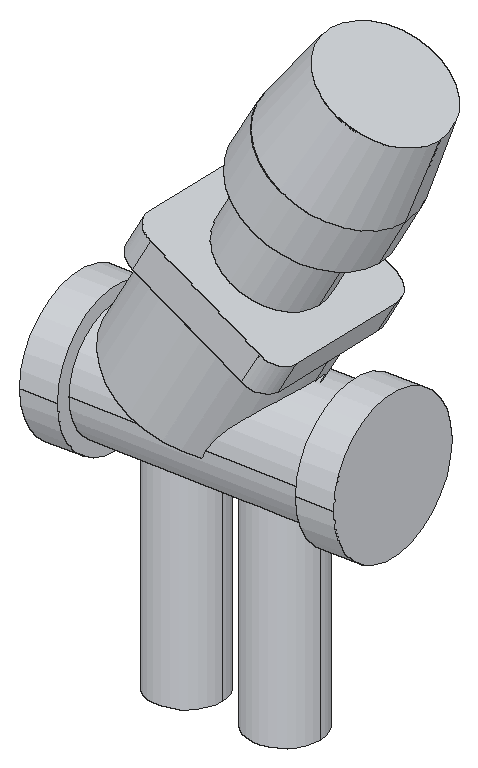
Revit family "OPTIMA_Compact_Plus_MM_DN20_5,5_RFA_2018", category Pipe Accessories, Revit 2018
Family settings
  Round Connector Dimension = Use Diameter
  Part Type = Valve - Breaks Into
  Work Plane-Based = No
  Always vertical = Yes
  Cut with Voids When Loaded = No
  Shared = No
Parameters (values of type "OPTIMA Compact Plus DN20 M-M 5.5mm")
  magiProductId = "3e0f5dc7d8ae4d97894bd6f679fd3a"
  magiProductFamilyId = "3f7bf62c6d3e4202b9bf465282540d"
  magiPartTypeId = 304
  isMeasuringValve [instance] = no
  ang2D [instance] = 0.00°
  Z = 0 mm
  X = 10 mm
  W2D = 32 mm
  VersionID = "2.0/2018.8.28.1/FRESE_OPTIMA-COMPACT-MM_001"
  Use Minimum Symbol Size [instance] = yes
  URL = "www.hydronic.cz"
  Type Comments = "vnější závit; PN25; 0~120°C, s měřením"
  R9 = 8 mm
  R8 = 14 mm
  R7 = 17 mm
  R6 = 12 mm
  R5 = 5 mm
  R4 = 19 mm
  R3 = 19 mm
  R2 = 13.5 mm
  R1 = 16.5 mm
  QmdConnectorList = "301;D;302;D"
  Productdata [instance] = ""
  PLG0 = yes
  Manufacturer = "Hydronic Systems Prague s.r.o."
  MC Product Code = "53-1331  (1\" M-M; 5.5mm; Qmin-dpmin 300l/h-17.8kPa; Qmax-dpmin 1800l/h-40.0kPa; dpmax 800kPa)"
  MC Piping Given Pressure Drop [instance] = 0.0 Pa
  LL = 35 mm
  L3 = 11 mm
  L2D_Min = 3048 mm
  L2D = 104 mm
  L2 = 53.2 mm
  L1__ve = -L1  # -8.4 mm
  L1 = 8.4 mm
  H6__ve = -H6  # -58.5 mm
  H6 = 58.5 mm
  H5 = 20 mm
  H4 = 12 mm
  H3 = 18 mm
  H2 = 8 mm
  H1 = 26 mm
  Description = "Tlakově nezávislý 2-cestný regulační vyvažovací ventil (PICV)"
  D = 20 mm
  A = 30.00°
Types (8, lengths in mm): name | magiProductId | Z | X | R4 | R3 | R2 | R1 | MC Product Code | LL | L3 | L2 | L1__ve | L1 | H6__ve | H6 | H5 | H3 | H2 | H1 | D
  OPTIMA Compact Plus DN32 M-M 5.5mm | "ffa5e363716249e69711c5a01860df" | 1 | 13 | 29 | 31.5 | 22 | 24 | "53-1333  (6/4\" M-M; 5.5mm; Qmin-dpmin 550l/h-17.9kPa; Qmax-dpmin 4001l/h-28.0kPa; dpmax 800kPa)" | 52 | 12.5 | 79.04 | -12.48 | 12.48 | -66 | 66 | 20 | 16 | 10 | 46 | 32
  OPTIMA Compact Plus DN15 M-M 2.5mm | "744f5c1a8b784a0caf7e95e8856504" | 0 | 7 | 19 | 19 | 12 | 13 | "53-1324  (3/4\" M-M; 2.5mm; Qmin-dpmin 100l/h-14.9kPa; Qmax-dpmin 575l/h-18.5kPa; dpmax 800kPa)" | 32.5 | 11 | 49.4 | -7.8 | 7.8 | -55 | 55 | 20 | 18 | 8 | 26 | 15
  OPTIMA Compact Plus DN15 M-M 5.0mm | "cc68fe6008154c3392e26a3dfeb2d1" | 0 | 7 | 19 | 19 | 12 | 13 | "53-1325  (3/4\" M-M; 5.0mm; Qmin-dpmin 220l/h-16.0kPa; Qmax-dpmin 1330l/h-21.6kPa; dpmax 800kPa)" | 32.5 | 11 | 49.4 | -7.8 | 7.8 | -55 | 55 | 20 | 18 | 8 | 26 | 15
  OPTIMA Compact Plus DN20 M-M 5.0mm | "af4b706c92c34122b2cf0a056ee45d" | 0 | 10 | 19 | 19 | 13.5 | 16.5 | "53-1328  (1\" M-M; 5.0mm; Qmin-dpmin 220l/h-16.0kPa; Qmax-dpmin 1330l/h-21.6kPa; dpmax 800kPa)" | 35 | 11 | 53.2 | -8.4 | 8.4 | -58.5 | 58.5 | 20 | 18 | 8 | 26 | 20
  OPTIMA Compact Plus DN20 M-M 5.5mm | "3e0f5dc7d8ae4d97894bd6f679fd3a" | 0 | 10 | 19 | 19 | 13.5 | 16.5 | "53-1331  (1\" M-M; 5.5mm; Qmin-dpmin 300l/h-17.8kPa; Qmax-dpmin 1800l/h-40.0kPa; dpmax 800kPa)" | 35 | 11 | 53.2 | -8.4 | 8.4 | -58.5 | 58.5 | 20 | 18 | 8 | 26 | 20
  OPTIMA Compact Plus DN25 M-M 5.5mm | "30c02b6104a34c7a9c49bd2b7417bc" | 0 | 13 | 29 | 31.5 | 18.5 | 21 | "53-1332  (5/4\" M-M; 5.5mm; Qmin-dpmin 600l/h-17.3kPa; Qmax-dpmin 3609l/h-23.0kPa; dpmax 800kPa)" | 52 | 12.5 | 79.04 | -12.48 | 12.48 | -63 | 63 | 20 | 16 | 10 | 43 | 25
  OPTIMA Compact Plus DN10 M-M 2.5mm | "273b30465bdd4e038d4ed21de5046f" | 0 | 7 | 19 | 19 | 9 | 10.5 | "53-1320  (1/2\" M-M; 2.5mm; Qmin-dpmin 30l/h-14.3kPa; Qmax-dpmin 200l/h-15.8kPa; dpmax 800kPa)" | 32.5 | 11 | 49.4 | -7.8 | 7.8 | -52.5 | 52.5 | 17 | 18 | 8 | 30 | 10
  OPTIMA Compact Plus DN10 M-M 5.0mm | "05e83065d4b14c0ea9b5a56fcd5d4f" | 0 | 7 | 19 | 19 | 9 | 10.5 | "53-1329  (1/2\" M-M; 5.0mm; Qmin-dpmin 65l/h-14.6kPa; Qmax-dpmin 370l/h-17.2kPa; dpmax 800kPa)" | 32.5 | 11 | 49.4 | -7.8 | 7.8 | -52.5 | 52.5 | 17 | 18 | 8 | 30 | 10
Reference planes
  plane 1 "Center (Front/Back)": y = 0
  plane 2 "XYPLANE": z = 0
  plane 3 "Center (Left/Right)": x = 0
  plane 4 "267": x = 11
  plane 5 "266": x = -11
  plane 6 "252": through (-607.519, 0, 447.746) normal (0.5, 0, 0.866)
  plane 7 "250": through (-617.519, 0, 430.426) normal (0.5, 0, 0.866)
  plane 8 "248": through (-623.519, 0, 420.033) normal (0.5, 0, 0.866)
  plane 9 "245": through (-632.519, 0, 404.445) normal (0.5, 0, 0.866)
  plane 10 "241": through (349.885, 0, 664.019) normal (0.866, 0, -0.5)
  plane 11 "240": through (382.794, 0, 645.019) normal (0.866, 0, -0.5)
  plane 12 "239": y = -19
  plane 13 "238": y = 19
  plane 14 "237": through (-636.519, 0, 397.517) normal (0.5, 0, 0.866)
  plane 15 "235": through (-649.519, 0, 375) normal (0.5, 0, 0.866)
  plane 16 "231": y = 0
  plane 17 "230": through (366.34, 0, 654.519) normal (0.866, 0, -0.5)
  plane 18 "211": x = -26.6
  plane 19 "204": x = 35
  plane 20 "203": x = -35
  plane 21 "202": x = 0
  plane 22 "201": z = 0
  plane 23 "200": y = 0
  plane 24 "227XY": through (-649.519, 0, 375) normal (0.5, 0, 0.866)
  plane 25 "227XZ": y = 0
  plane 26 "227YZ": through (375, 0, 649.519) normal (0.866, 0, -0.5)
Forms (mm)
  Extrusion 1, solid, visible <- "PLG0"
    sketch origin (-750, 0, 0) x (1, 0, 0) y (0, 1, 0)
      loop
        circle (761, 0) r 8
    from 0 to -58.5 <- "H6__ve"
  Extrusion 2, solid, visible <- "PLG0"
    sketch origin (-750, 0, 0) x (1, 0, 0) y (0, 1, 0)
      loop
        circle (739, 0) r 8
    from 0 to -58.5 <- "H6__ve"
  Blend 3, solid
    base sketch origin (-617.519, 0, 430.426) x (0.866025, 0, -0.5) y (0, 1, 0)
      loop
        circle (740, 0) r 17
    top sketch origin (-617.519, 0, 430.426) x (0.866025, 0, -0.5) y (0, 1, 0)
      loop
        circle (740, 0) r 14
    from 0 to 20
  Extrusion 4, solid
    sketch origin (-623.519, 0, 420.033) x (0.866025, 0, -0.5) y (0, 1, 0)
      loop
        circle (740, 0) r 17
    from 0 to 12 <- "H4"
  Extrusion 5, solid
    sketch origin (-632.519, 0, 404.445) x (0.866025, 0, -0.5) y (0, 1, 0)
      loop
        circle (740, 0) r 12
    from 0 to 18 <- "H3"
  Extrusion 6, solid
    sketch origin (-636.519, 0, 397.517) x (0.866025, 0, -0.5) y (0, 1, 0)
      loop
        arc (726, 19) -> (722.464, 17.536) -> (721, 14) r 5
        line (721, 14) -> (721, -14)
        arc (721, -14) -> (722.464, -17.536) -> (726, -19) r 5
        line (726, -19) -> (754, -19)
        arc (754, -19) -> (757.536, -17.536) -> (759, -14) r 5
        line (759, -14) -> (759, 14)
        arc (759, 14) -> (757.536, 17.536) -> (754, 19) r 5
        line (754, 19) -> (726, 19)
    from 0 to 8 <- "H2"
  Extrusion 7, solid
    sketch origin (-649.519, 0, 375) x (0.866025, 0, -0.5) y (0, 1, 0)
      loop
        circle (740, 0) r 19
    from 0 to 26 <- "H1"
  Extrusion 8, solid
    sketch origin (-26.6, -750, 0) x (0, 1, 0) y (0, 0, 1)
      loop
        circle (750, 0) r 13.5
    from 0 to 53.2 <- "L2"
  Extrusion 9, solid
    sketch origin (35, -750, 0) x (0, 1, 0) y (0, 0, 1)
      loop
        circle (750, 0) r 16.5
    from 0 to -8.4 <- "L1__ve"
  Extrusion 10, solid
    sketch origin (-35, -750, 0) x (0, 1, 0) y (0, 0, 1)
      loop
        circle (750, 0) r 16.5
    from 0 to 8.4 <- "L1"
  Extrusion 11, solid, not visible
    sketch origin (35, -750, 0) x (0, 1, 0) y (0, 0, 1)
      loop
        circle (750, 0) r 10
    from 0 to -10
  Extrusion 12, solid, not visible
    sketch origin (-35, -750, 0) x (0, 1, 0) y (0, 0, 1)
      loop
        circle (750, 0) r 10
    from 0 to 10
Lines and regions (mm)
  reference lines, not visible
    curve 1: circle (2, 2, 0) r 1 normal (0, 0, 1)
Text (mm)
  text "© Progman Oy, all rights reserved" at (-472.209, -2482.653, 0), in view "Ref. Level"
Dimensions and locks
  plane 1 "Center (Front/Back)" to curve 1 = 2 mm
  "L3": plane 3 "Center (Left/Right)" to plane 4 "267"
  "L3": plane 3 "Center (Left/Right)" to plane 5 "266"
  "H5": plane 7 "250" to plane 6 "252"
  "H4": plane 8 "248" to plane 7 "250"
  "H3": plane 9 "245" to plane 8 "248"
  "H2": plane 14 "237" to plane 9 "245"
  "R4": plane 17 "230" to plane 10 "241"
  "R4": plane 17 "230" to plane 11 "240"
  "R4": plane 23 "200" to plane 12 "239"
  "R4": plane 23 "200" to plane 13 "238"
  "H1": plane 15 "235" to plane 14 "237"
  "Z": plane 24 "227XY" to plane 15 "235"
  locked: plane 23 "200" to plane 16 "231"
  "X": plane 26 "227YZ" to plane 17 "230"
  "L1": plane 20 "203" to plane 18 "211"
  "LL": plane 3 "Center (Left/Right)" to plane 19 "204"
  "LL": plane 3 "Center (Left/Right)" to plane 20 "203"
  locked: plane 3 "Center (Left/Right)" to plane 21 "202"
  locked: plane 2 "XYPLANE" to plane 22 "201"
  locked: plane 1 "Center (Front/Back)" to plane 23 "200"
  Extrusion 6 sketch curve to Extrusion 6 sketch curve = 0 mm  (x16)
  "R9": radius of Extrusion 1 sketch curve
  "R9": radius of Extrusion 2 sketch curve
  "R8": radius of Blend 3 sketch curve
  "R7": radius of Blend 3 sketch curve
  "R7": radius of Extrusion 4 sketch curve
  "R6": radius of Extrusion 5 sketch curve
  "R5": radius of Extrusion 6 sketch curve  (x4)
  "R3": radius of Extrusion 7 sketch curve
  "R2": radius of Extrusion 8 sketch curve
  "R1": radius of Extrusion 9 sketch curve
  "R1": radius of Extrusion 10 sketch curve
  aligned and locked: level to plane 2 "XYPLANE"
  aligned and locked: plane 4 "267" to Extrusion 1 sketch curve
  aligned and locked: plane 23 "200" to Extrusion 1 sketch curve
  aligned and locked: plane 5 "266" to Extrusion 2 sketch curve
  aligned and locked: plane 23 "200" to Extrusion 2 sketch curve
  aligned and locked: plane 16 "231" to Blend 3 sketch curve  (x2)
  aligned and locked: Blend 3 sketch curve to plane 17 "230"  (x2)
  aligned and locked: plane 6 "252" to Blend 3
  aligned and locked: plane 16 "231" to Extrusion 4 sketch curve
  aligned and locked: Extrusion 4 sketch curve to plane 17 "230"
  aligned and locked: plane 16 "231" to Extrusion 5 sketch curve
  aligned and locked: Extrusion 5 sketch curve to plane 17 "230"
  aligned and locked: Extrusion 6 sketch curve to plane 10 "241"
  aligned and locked: Extrusion 6 sketch curve to plane 12 "239"
  aligned and locked: Extrusion 6 sketch curve to plane 11 "240"
  aligned and locked: plane 13 "238" to Extrusion 6 sketch curve
  aligned and locked: plane 16 "231" to Extrusion 7 sketch curve
  aligned and locked: Extrusion 7 sketch curve to plane 17 "230"
  aligned and locked: plane 22 "201" to Extrusion 8 sketch curve
  aligned and locked: Extrusion 8 sketch curve to plane 23 "200"
  aligned and locked: plane 22 "201" to Extrusion 9 sketch curve
  aligned and locked: Extrusion 9 sketch curve to plane 23 "200"
  aligned and locked: plane 22 "201" to Extrusion 10 sketch curve
  aligned and locked: Extrusion 10 sketch curve to plane 23 "200"
  aligned and locked: plane 22 "201" to Extrusion 11 sketch curve
  aligned and locked: Extrusion 11 sketch curve to plane 23 "200"
  aligned and locked: plane 22 "201" to Extrusion 12 sketch curve
  aligned and locked: Extrusion 12 sketch curve to plane 23 "200"
Automatic sketch dimensions
  plane 1 "Center (Front/Back)" to Extrusion 11 sketch curve = 10 mm
  plane 1 "Center (Front/Back)" to Extrusion 12 sketch curve = 10 mm
  plane 3 "Center (Left/Right)" to curve 1 = 2 mm
  radius of curve 1 = 1 mm
Connectors
  piping at (-35, 0, 0), diameter 20, driven by "D"
    settings: on Extrusion 12, index 1, connector inside diameter 609.6 mm, connector length 0 mm, flow factor 0, pipe flow 0.0 L/s, pressure drop 0.0 Pa, fitting loss kfactor 0, connector angle 0.00°, fixture units 0, engagement length 0 mm, angle of deflection 0.00°, flow configuration 0, flow direction 0, fitting loss method 0, system type 29, joint type 0, gender type 0, connector reference index 2, connector utility 0, adjustable connector no, is connector primary yes, connector description ""
  piping at (35, 0, 0), diameter 20, driven by "D"
    settings: on Extrusion 11, index 2, connector inside diameter 609.6 mm, connector length 0 mm, flow factor 0, pipe flow 0.0 L/s, pressure drop 0.0 Pa, fitting loss kfactor 0, connector angle 0.00°, fixture units 0, engagement length 0 mm, angle of deflection 0.00°, flow configuration 0, flow direction 0, fitting loss method 0, system type 29, joint type 0, gender type 0, connector reference index 1, connector utility 0, adjustable connector no, is connector primary no, connector description ""
